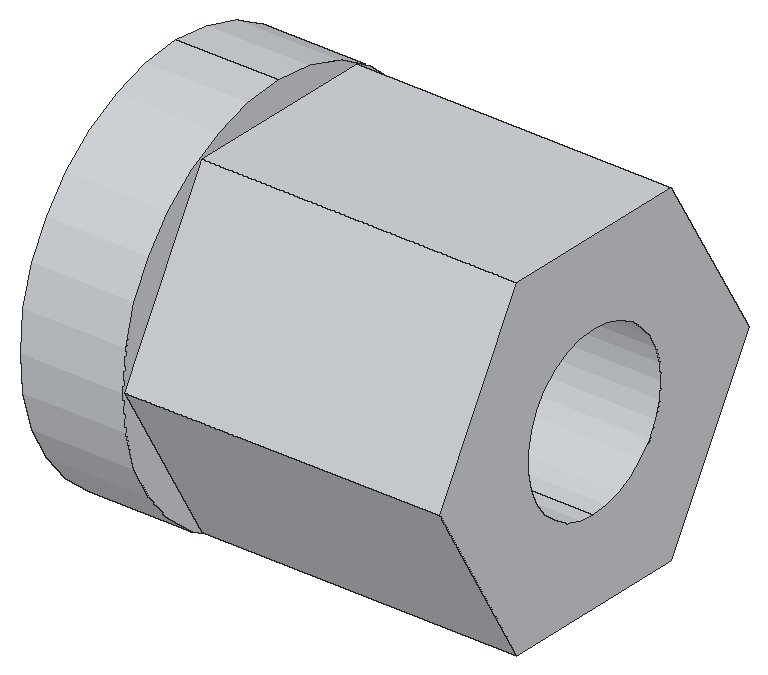
Revit family "TR2163", category Verbindungsmittel, Revit 2021
Family settings
  OmniClass-Nummer = 23.25.10.27.11.21
  OmniClass-Titel = Reinforcement Couplers
  Arbeitsebenenbasiert = Nein
  Immer vertikal = Nein
  Beim Laden mit Abzugskörper schneiden = Nein
  Gemeinsam genutzt = Nein
Parameters (values of type "TR 2163-ø18")
  URL = "http//:www.annahuette.com"
  Typenkommentare = "TR 2163 - Ankermutter mit Bund"
  Typenbild = TR2163.png
  TR2163-ød = 18 mm
  TR2163-ø = 42 mm
  TR2163-SW_Vis = [TR2163-SW] = [TR2163-SW]  # yes
  TR2163-SW = 36 mm
  TR2163-Lsw = 34 mm
  TR2163-Ld = [TR2163-L] - [TR2163-Lsw]  # 11 mm
  TR2163-L_Vis = [TR2163-L] = [TR2163-L]  # yes
  TR2163-L1 = [TR2163-L] - [TR2163-Ld]  # 34 mm
  TR2163-L = 45 mm
  TR2163-G_Vis = [TR2163-G] = [TR2163-G]  # yes
  TR2163-G = 0.31 kg
  Stabgröße 2 = Keine
  Stabgröße 1 = SAS 670 - ø18
  Modell = "TR 2163"
  Körper = if([TR2163-G_Vis], [TR2163-G], 0.00 kg)  # 0,31 kg
  Hersteller = "Stahlwerk Annahütte Max Aicher GmbH Co.KG"
  Gesamtlänge = if([TR2163-L_Vis], [TR2163-L], 0 mm)  # 45 mm
  Endenbearbeitung 2 = Mit Gewinde
  Endenbearbeitung 1 = Mit Gewinde
  Einfassung Stab 2 = 0 mm  # constant formula
  Einfassung Stab 1 = if([TR2163-L_Vis], [TR2163-Lsw], 0 mm)  # 34 mm
  Beschreibung = "TR2163-ø18"
  Außendurchmesser = if([TR2163-SW_Vis], [TR2163-SW], 0 mm)  # 36 mm
Types (11, lengths in mm): name | TR2163-ød | TR2163-ø | TR2163-SW | TR2163-Lsw | TR2163-Ld | TR2163-L1 | TR2163-L | TR2163-G | Stabgröße 1 | Körper | Gesamtlänge | Einfassung Stab 2 | Einfassung Stab 1 | Beschreibung | Außendurchmesser
  (no name) | 18 | 42 | 36 | 34 | 11 | 34 | 45 | 0.31 kg | SAS 670 - ø18 | 0.31 (stored number, unit not read) | 45 | (empty or 0) | 34 | "TR2163-ø18" | 36
  TR 2163-ø18 | 18 | 42 | 36 | 34 | 11 | 34 | 45 | 0.31 kg | SAS 670 - ø18 | 0,31 kg | 45 | 0 mm | 34 | "TR2163-ø18" | 36
  TR 2163-ø22 | 22 | 47 | 41 | 38 | 12 | 38 | 50 | 0.43 kg | SAS 670 - ø22 | 0,43 kg | 50 | 0 mm | 38 | "TR2163-ø22" | 41
  TR 2163-ø25 | 25 | 53 | 46 | 40 | 15 | 40 | 55 | 0.59 kg | SAS 670 - ø25 | 0,59 kg | 55 | 0 mm | 40 | "TR2163-ø25" | 46
  TR 2163-ø28 | 28 | 58 | 50 | 50 | 15 | 50 | 65 | 0.80 kg | SAS 670 - ø28 | 0,80 kg | 65 | 0 mm | 50 | "TR2163-ø28" | 50
  TR 2163-ø30 | 30 | 64 | 55 | 50 | 15 | 50 | 65 | 0.98 kg | SAS 670 - ø30 | 0,98 kg | 65 | 0 mm | 50 | "TR2163-ø30" | 55
  TR 2163-ø35 | 35 | 75 | 65 | 53 | 17 | 53 | 70 | 1.51 kg | SAS 670 - ø35 | 1,51 kg | 70 | 0 mm | 53 | "TR2163-ø35" | 65
  TR 2163-ø43 | 43 | 92 | 80 | 63 | 27 | 63 | 90 | 2.99 kg | SAS 670 - ø43 | 2,99 kg | 90 | 0 mm | 63 | "TR2163-ø43" | 80
  TR 2163-ø50 | 50 | 92 | 80 | 75 | 25 | 75 | 100 | 2.84 kg | SAS 670 - ø50 | 2,84 kg | 100 | 0 mm | 75 | "TR2163-ø50" | 80
  TR 2163-ø57,5 | 57.5 | 102 | 90 | 95 | 25 | 95 | 120 | 4.15 kg | SAS 670 - ø57,5 | 4,15 kg | 120 | 0 mm | 95 | "TR2163-ø57,5" | 90
  TR 2163-ø63,5 | 63.5 | 114 | 100 | 117 | 28 | 117 | 145 | 6.23 kg | SAS 670 - ø63,5 | 6,23 kg | 145 | 0 mm | 117 | "TR2163-ø63,5" | 100
Reference planes
  plane 1: y = 0
  plane 2: z = 0
  plane 3: x = 0
  plane 4: through (-1200, 0, 0) normal (0, -0.866, -0.5)
  plane 5: through (-1200, 0, 0) normal (0, -0.866, 0.5)
Forms (mm)
  Extrusion 1, solid
    sketch origin (0, 0, 0) x (0, 0, 1) y (0, 1, 0)
      loop
        line (-18, -10.392) -> (0, -20.785) -> (18, -10.392) -> (18, 10.392) -> (0, 20.785) -> (-18, 10.392) -> (-18, -10.392)
      loop
        circle (0, 0) r 9
    from 0 to 34 <- "TR2163-L1"
  Extrusion 2, solid
    sketch origin (-125, 0, 0) x (0, 0, 1) y (0, 1, 0)
      loop
        circle (0, 0) r 21
      loop
        circle (0, 0) r 9
    from -91 to -80
Dimensions and locks
  "TR2163-SW": Extrusion 1 sketch curve to Extrusion 1 sketch curve  (x3)
  "Gesamtlänge": Extrusion 2 to Extrusion 1
  "TR2163-Ld": Extrusion 2 to Extrusion 2
  "TR2163-ød": diameter of Extrusion 1 sketch curve
  "TR2163-ø": diameter of Extrusion 2 sketch curve
  "TR2163-ød": diameter of Extrusion 2 sketch curve
  angle plane 4 to plane 5 = 60.00°
Automatic sketch dimensions
  plane 4 to Extrusion 1 sketch curve = 0 mm  (x2)
  Extrusion 1 sketch curve to plane 5 = 0 mm
  Extrusion 1 sketch curve to level = 0 mm  (x3)
  Extrusion 1 sketch curve to plane 1 = 0 mm
  Extrusion 2 sketch curve to Extrusion 2 sketch curve = 0 mm  (x2)
  Extrusion 2 sketch curve to level = 0 mm
  Extrusion 2 sketch curve to plane 1 = 0 mm
